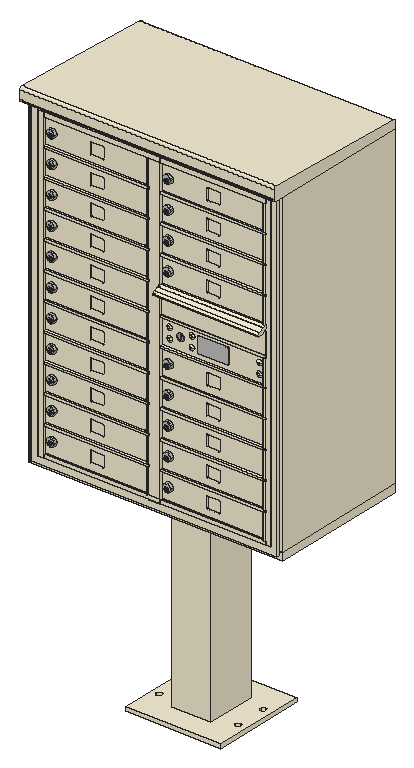
Revit family "Mailboxes_4C-Salsbury_Industries-Pedestal_Mounted-11_Door_High_Units", category Specialty Equipment, Revit 2016
Family settings
  Part Type = Normal
  Round Connector Dimension = Use Diameter
  OmniClass Number = 23.40.90.14.11
  OmniClass Title = Mail Boxes
  Work Plane-Based = No
  Always vertical = Yes
  Cut with Voids When Loaded = No
  Shared = No
  Room Calculation Point = No
Parameters (values of type "3411D-20")
  Width = 32.250"
  Visible Door Number [instance] = yes
  Vertical Center Divider = yes
  Version = "3.0 (01/30/20)"
  URL = "www.mailboxes.com"
  Type Comments = "Pedestal Mounted 4C Horizontal Mailboxes - Front Loading"
  OmniClass 23 Title = "Mail Boxes"
  OmniClass 23 Number = "23.40.90.14.11"
  Model = "3411D-20"
  MasterFormat Title = "Postal Specialties"
  MasterFormat Number = "10 55 00"
  Manufacturer = "Salsbury Industries"
  Lock Material = Stainless Steel - Salsbury Finish -  Polished
  Height = 69.125"
  Front Panel Material [instance] = Paint - Salsbury Finish - Sandstone
  Pedestal Height = 26.000"
  Door Slot R9 Number [instance] = "18"
  Door Slot R8 Number [instance] = "17"
  Door Slot R7 Number [instance] = "16"
  Door Slot R6 Number [instance] = "0"
  Door Slot R5 Number [instance] = "0"
  Door Slot R4 Number [instance] = "15"
  Door Slot R3 Number [instance] = "14"
  Door Slot R2 Number [instance] = "13"
  Door Slot R11 Number [instance] = "20"
  Door Slot R10 Number [instance] = "19"
  Door Slot R1 Number [instance] = "12"
  Door Slot L9 Number [instance] = "9"
  Door Slot L8 Number [instance] = "8"
  Door Slot L7 Number [instance] = "7"
  Door Slot L6 Number [instance] = "6"
  Door Slot L5 Number [instance] = "5"
  Door Slot L4 Number [instance] = "4"
  Door Slot L3 Number [instance] = "3"
  Door Slot L2 Number [instance] = "2"
  Door Slot L11 Number [instance] = "11"
  Door Slot L10 Number [instance] = "10"
  Door Slot L1 Number [instance] = "1"
  Description = "11 Door High Unit:  20 MB1, OM2"
  Depth = 19.000"
  Assembly Description = "Mailboxes"
  Assembly Code = "C1030910"
  4C Unit Height = 41.000"
  4C Unit Elevation = 26.375"
  4C Unit = Mailboxes_4C-Salsbury_Industries-Front_Load-11_Door_High_Units : 3711D-20 FL
Reference planes (in)
  plane 1 "Center (Front/Back)": y = 0
  plane 2 "Bottom of Unit": z = 0
  plane 3 "Center (Left/Right)": x = 0
  plane 4 "Left Side of Unit": x = 16.125
  plane 5 "Right Side of Unit": x = -16.125
  plane 6 "Front of Unit": y = -9.5
  plane 7 "Back of Unit": y = 9.5
  plane 8: z = 34.5625
  plane 9 "Top of Unit": z = 69.125
  plane 10 "Top Trim Line of Enclosure": z = 67.375
  plane 11 "Left Trim Line of Enclosure": x = 15.0625
  plane 12 "Right Trim Line of Enclosure": x = -15.062
  plane 13 "Top Back Line of Unit": z = 68.375
  plane 14 "Top of Pedestal, Bottom of Enclosure": z = 26
  plane 15 "Alignment of 4C Unit": y = -8.125
  plane 16: x = -16.044
  plane 17: x = 16.044
  plane 18: y = 9.419
  plane 19: y = -8.044
  plane 20: x = -16.044
  plane 21: x = 16.044
  plane 22: y = -8.044
  plane 23: y = 9.419
  plane 24: x = -16.044
  plane 25: x = 16.044
  plane 26: y = 9.419
  plane 27: y = -8.044
  plane 28 "Bottom Trim Line of 4C Unit": z = 26.375
  plane 29 "4C Unit Side Alignment": x = -15.54883
  plane 30 "Top Pedestal Base-Bottom Side": z = 25.5
  plane 31 "Bottom Line of Enclosure Opening": z = 27
  plane 32: z = 26.081
  plane 33 "Bottom Pedestal Base-Top Side": z = 0.5
  plane 34 "Pedestal Support - Left Side": x = -2.50001
  plane 35 "Pedestal Support - Right Side": x = 2.50001
  plane 36 "Back of Pedestal Base": y = 6.625
  plane 37 "Front of Pedestal Base": y = -5.375
  plane 38 "Pedestal Support - Back": y = 3.812
  plane 39 "Pedestal Support - Front": y = -2.563
  plane 40 "Left Side of Pedestal Base": x = -6
  plane 41 "Right Side of Pedestal Base": x = 6
  plane 42: y = 2.625
  plane 43: y = -1.375
  plane 44: x = -5
  plane 45: x = 5
Forms (in)
  Extrusion 1, solid, material "Paint - Salsbury Finish - Sandstone" <- "Front Panel Material"
    sketch origin (0, 0, 1.5) x (0, 1, 0) y (-1, 0, 0)
      loop
        line (-8.125, 15.062) -> (-8.044, 15.062) -> (-8.044, 16.044) -> (9.419, 16.044) -> (9.419, -16.044) -> (-8.044, -16.044) -> (-8.044, -15.0625) -> (-8.125, -15.0625) -> (-8.125, -16.125) -> (9.5, -16.125) -> (9.5, 16.125) -> (-8.125, 16.125) -> (-8.125, 15.062)
    from 25.5 to 65.875
  Extrusion 2, solid, material "Paint - Salsbury Finish - Sandstone" <- "Front Panel Material"
    sketch origin (0, 0, 26) x (0, 1, 0) y (-1, 0, 0)
      loop
        line (9.5, 16.125) -> (-8.125, 16.125) -> (-8.125, -16.125) -> (9.5, -16.125) -> (9.5, 16.125)
      loop
        line (9.419, 16.044) -> (-8.044, 16.044) -> (-8.044, -16.044) -> (9.419, -16.044) -> (9.419, 16.044)
    from 0 to 1
  Extrusion 3, solid, material "Paint - Salsbury Finish - Sandstone" <- "Front Panel Material"
    sketch origin (0, 0, 26) x (0, 1, 0) y (-1, 0, 0)
      loop
        line (9.419, 16.044) -> (-8.044, 16.044) -> (-8.044, -16.044) -> (9.419, -16.044) -> (9.419, 16.044)
    from 0 to 0.081
  Extrusion 4, solid, material "Paint - Salsbury Finish - Sandstone" <- "Front Panel Material"
    sketch origin (0, 0, 0) x (0, 1, 0) y (0, 0, 1)
      loop
        line (-9.18965, 67.375) -> (9.5, 67.375) -> (9.5, 68.26571)
        arc (9.5, 68.26571) -> (9.47754, 68.33373) -> (9.419, 68.375) r 0.11423
        line (9.419, 68.375) -> (-9.184, 69.125)
        arc (-9.184, 69.125) -> (-9.40731, 69.03386) -> (-9.5, 68.81119) r 0.31382
        line (-9.5, 68.81119) -> (-9.5, 67.68535)
        arc (-9.5, 67.68535) -> (-9.4091, 67.4659) -> (-9.18965, 67.375) r 0.31035
    from -16.125 to 16.125
  Extrusion 5, solid, material "Paint - Salsbury Finish - Sandstone" <- "Front Panel Material"
    sketch origin (0, 0, 0) x (1, 0, 0) y (0, 1, 0)
      loop
        line (-6, 6.625) -> (-6, -5.375) -> (6, -5.375) -> (6, 6.625) -> (-6, 6.625)
    from 0 to 0.5
  Extrusion 6, solid, material "Paint - Salsbury Finish - Sandstone" <- "Front Panel Material"
    sketch origin (0, 0, 25.5) x (0, -1, 0) y (1, 0, 0)
      loop
        line (-6.625, -6) -> (5.375, -6) -> (5.375, 6) -> (-6.625, 6) -> (-6.625, -6)
    from 0 to 0.5
  Extrusion 7, solid, material "Paint - Salsbury Finish - Sandstone" <- "Front Panel Material"
    sketch origin (0, 0, 0.5) x (0, -1, 0) y (1, 0, 0)
      loop
        line (-3.812, -2.50001) -> (2.563, -2.50001) -> (2.563, 2.50001) -> (-3.812, 2.50001) -> (-3.812, -2.50001)
    from 0 to 25
  Extrusion 8, void
    sketch origin (0, 0, 0) x (1, 0, 0) y (0, 1, 0)
      loop
        circle (-5, 2.625) r 0.375
      loop
        circle (-5, -1.375) r 0.375
      loop
        circle (5, 2.625) r 0.375
      loop
        circle (5, -1.375) r 0.375
    from 0 to 0.5
  Extrusion 9, void
    sketch origin (0, 0, 25.5) x (0, -1, 0) y (1, 0, 0)
      loop
        circle (-2.625, -5) r 0.375
      loop
        circle (1.375, -5) r 0.375
      loop
        circle (-2.625, 5) r 0.375
      loop
        circle (1.375, 5) r 0.375
    from 0 to 0.5
Cuts and joins
  Extrusion 8 cuts Extrusion 5
  Extrusion 9 cuts Extrusion 3
  Extrusion 9 cuts Extrusion 6
Lines and regions (in)
  symbolic lines
    curve 1: line (-16.125, 9.5, 0) -> (16.125, 9.5, 0)
    curve 2: line (-16.125, -8.125, 0) -> (-16.125, 9.5, 0)
    curve 3: line (16.125, -8.125, 0) -> (-16.125, -8.125, 0)
    curve 4: line (16.125, 9.5, 0) -> (16.125, -8.125, 0)
    curve 5: line (-16.125, 0, 69.125) -> (16.125, 0, 69.125)
    curve 6: line (-16.125, 0, 26) -> (-16.125, 0, 69.125)
    curve 7: line (16.125, 0, 26) -> (-16.125, 0, 26)
    curve 8: line (16.125, 0, 69.125) -> (16.125, 0, 26)
    curve 9: line (-16.125, 0, 67.375) -> (16.125, 0, 67.375)
    curve 10: line (-15.062, 0, 27) -> (-15.062, 0, 67.375)
    curve 11: line (15.0625, 0, 27) -> (15.0625, 0, 67.375)
    curve 12: line (0, -8.125, 67.37573) -> (0, 9.5, 67.37573)
    curve 13: line (0, -8.125, 26) -> (0, -8.125, 67.37573)
    curve 14: line (0, 6.625, 0) -> (0, -5.375, 0)
    curve 15: line (0, 9.5, 67.37573) -> (0, 9.5, 26)
    curve 16: line (0, -8.125, 27) -> (0, 9.5, 27)
    curve 17: line (0, 9.5, 68.26571) -> (0, 9.5, 67.37573)
    curve 18: line (0, 9.5, 67.37573) -> (0, -9.19074, 67.37573)
    curve 19: line (0, -9.5, 67.68499) -> (0, -9.5, 68.81031)
    curve 20: arc (0, -9.19074, 67.37573) -> (0, -9.40942, 67.46631) -> (0, -9.5, 67.68499) r 0.30926
    curve 21: arc (0, -9.5, 68.81031) -> (0, -9.40736, 69.03396) -> (0, -9.18371, 69.1266) r 0.31629
    curve 22: arc (0, 9.5, 68.26571) -> (0, 9.47754, 68.33373) -> (0, 9.419, 68.375) r 0.11423
    curve 23: line (0, 9.419, 68.375) -> (0, -9.18371, 69.1266)
    curve 24: line (-16.125, 0, 27) -> (16.125, 0, 27)
    curve 25: line (-6, 0, 26) -> (-6, 0, 25.5)
    curve 26: line (-6, 0, 25.5) -> (6, 0, 25.5)
    curve 27: line (6, 0, 25.5) -> (6, 0, 26)
    curve 28: line (-6, 0, 0.5) -> (6, 0, 0.5)
    curve 29: line (-6, 0, 0) -> (-6, 0, 0.5)
    curve 30: line (6, 0, 0) -> (-6, 0, 0)
    curve 31: line (6, 0, 0.5) -> (6, 0, 0)
    curve 32: line (-2.50001, 0, 0.5) -> (-2.50001, 0, 25.5)
    curve 33: line (2.50001, 0, 0.5) -> (2.50001, 0, 25.5)
    curve 34: line (0, -8.125, 26) -> (0, 9.5, 26)
    curve 35: line (0, -5.375, 26) -> (0, -5.375, 25.5)
    curve 36: line (0, -5.375, 25.5) -> (0, 6.625, 25.5)
    curve 37: line (0, 6.625, 25.5) -> (0, 6.625, 26)
    curve 38: line (0, 6.625, 0) -> (0, 6.625, 0.5)
    curve 39: line (0, 6.625, 0.5) -> (0, -5.375, 0.5)
    curve 40: line (0, -5.375, 0.5) -> (0, -5.375, 0)
    curve 41: line (0, -2.563, 0.5) -> (0, -2.563, 25.5)
    curve 42: line (0, 3.812, 0.5) -> (0, 3.812, 25.5)
Dimensions and locks (in)
  equal spacing: plane 6 "Front of Unit", plane 1 "Center (Front/Back)", plane 7 "Back of Unit"
  "Depth": plane 6 "Front of Unit" to plane 7 "Back of Unit"
  equal spacing: plane 5 "Right Side of Unit", plane 3 "Center (Left/Right)", plane 4 "Left Side of Unit"
  "Width": plane 5 "Right Side of Unit" to plane 4 "Left Side of Unit"
  equal spacing: plane 2 "Bottom of Unit", plane 8, plane 9 "Top of Unit"
  plane 2 "Bottom of Unit" to plane 9 "Top of Unit" = 69.125"
  "Pedestal Height": plane 2 "Bottom of Unit" to plane 14 "Top of Pedestal, Bottom of Enclosure"
  locked: plane 5 "Right Side of Unit" to plane 12 "Right Trim Line of Enclosure" at 1.063
  locked: plane 11 "Left Trim Line of Enclosure" to plane 4 "Left Side of Unit" at 1.0625
  plane 10 "Top Trim Line of Enclosure" to plane 13 "Top Back Line of Unit" to plane 9 "Top of Unit" = 1.000", 0.750"
  plane 6 "Front of Unit" to plane 15 "Alignment of 4C Unit" = 1.375"
  plane 10 "Top Trim Line of Enclosure" to plane 9 "Top of Unit" = 1.750"
  plane 5 "Right Side of Unit" to plane 16 = 0.081"
  plane 18 to plane 7 "Back of Unit" = 0.081"
  plane 17 to plane 4 "Left Side of Unit" = 0.081"
  plane 15 "Alignment of 4C Unit" to plane 19 = 0.081"
  plane 23 to plane 7 "Back of Unit" = 0.081"
  plane 5 "Right Side of Unit" to plane 20 = 0.081"
  plane 21 to plane 4 "Left Side of Unit" = 0.081"
  plane 15 "Alignment of 4C Unit" to plane 22 = 0.081"
  plane 15 "Alignment of 4C Unit" to plane 27 = 0.081"
  plane 25 to plane 4 "Left Side of Unit" = 0.081"
  plane 5 "Right Side of Unit" to plane 24 = 0.081"
  plane 26 to plane 7 "Back of Unit" = 0.081"
  plane 29 "4C Unit Side Alignment" to plane 12 "Right Trim Line of Enclosure" = 0.48683"
  "Height": plane 9 "Top of Unit" to plane 2 "Bottom of Unit"
  "4C Unit Height": plane 10 "Top Trim Line of Enclosure" to plane 28 "Bottom Trim Line of 4C Unit"
  plane 31 "Bottom Line of Enclosure Opening" to plane 14 "Top of Pedestal, Bottom of Enclosure" to plane 30 "Top Pedestal Base-Bottom Side" = 1.000", 0.500"
  locked: plane 32 to plane 14 "Top of Pedestal, Bottom of Enclosure" at 0.081
  plane 33 "Bottom Pedestal Base-Top Side" to plane 2 "Bottom of Unit" = 0.500"
  equal spacing: plane 34 "Pedestal Support - Left Side", plane 3 "Center (Left/Right)", plane 35 "Pedestal Support - Right Side"
  plane 34 "Pedestal Support - Left Side" to plane 35 "Pedestal Support - Right Side" = 5.00002"
  plane 37 "Front of Pedestal Base" to plane 1 "Center (Front/Back)" to plane 36 "Back of Pedestal Base" = 5.375", 6.625"
  plane 40 "Left Side of Pedestal Base" to plane 3 "Center (Left/Right)" to plane 41 "Right Side of Pedestal Base" = 6.000", 6.000"
  plane 39 "Pedestal Support - Front" to plane 1 "Center (Front/Back)" to plane 38 "Pedestal Support - Back" = 2.563", 3.812"
  plane 45 to plane 41 "Right Side of Pedestal Base" = 1.000"
  plane 40 "Left Side of Pedestal Base" to plane 44 = 1.000"
  plane 42 to plane 36 "Back of Pedestal Base" = 4.000"
  plane 37 "Front of Pedestal Base" to plane 43 = 4.000"
  aligned and locked: level to plane 2 "Bottom of Unit"
  aligned and locked: Extrusion 1 to plane 10 "Top Trim Line of Enclosure"
  aligned and locked: Extrusion 2 sketch curve to Extrusion 1  (x4)
  aligned and locked: Extrusion 3 sketch curve to Extrusion 1  (x3)
  aligned and locked: Extrusion 4 to plane 4 "Left Side of Unit"
  aligned and locked: plane 5 "Right Side of Unit" to Extrusion 4
  aligned and locked: plane 12 "Right Trim Line of Enclosure" to Extrusion 1 sketch curve
  aligned and locked: Extrusion 1 sketch curve to plane 19
  aligned and locked: Extrusion 1 sketch curve to plane 15 "Alignment of 4C Unit"  (x2)
  aligned and locked: Extrusion 1 sketch curve to plane 5 "Right Side of Unit"
  aligned and locked: plane 16 to Extrusion 1 sketch curve
  aligned and locked: Extrusion 1 sketch curve to plane 18
  aligned and locked: plane 7 "Back of Unit" to Extrusion 1 sketch curve
  aligned and locked: plane 4 "Left Side of Unit" to Extrusion 1 sketch curve
  aligned and locked: Extrusion 1 sketch curve to plane 17
  aligned and locked: plane 19 to Extrusion 1 sketch curve
  aligned and locked: plane 11 "Left Trim Line of Enclosure" to Extrusion 1 sketch curve
  aligned and locked: plane 6 "Front of Unit" to Extrusion 4 sketch curve  (x2)
  aligned and locked: plane 10 "Top Trim Line of Enclosure" to Extrusion 4 sketch curve
  aligned and locked: Extrusion 4 sketch curve to plane 7 "Back of Unit"
  aligned and locked: plane 7 "Back of Unit" to Extrusion 4 sketch curve
  aligned and locked: plane 13 "Top Back Line of Unit" to Extrusion 4 sketch curve
  aligned and locked: plane 9 "Top of Unit" to Extrusion 4 sketch curve
  aligned and locked: plane 21 to Extrusion 2 sketch curve
  aligned and locked: Extrusion 2 sketch curve to plane 20
  aligned and locked: plane 23 to Extrusion 2 sketch curve
  aligned and locked: curve 1 to Extrusion 1
  aligned and locked: curve 2 to Extrusion 1
  aligned and locked: curve 3 to Extrusion 2
  aligned and locked: curve 4 to Extrusion 1
  aligned and locked: curve 6 to Extrusion 4
  aligned and locked: curve 7 to Extrusion 2
  aligned and locked: plane 9 "Top of Unit" to curve 5
  aligned and locked: curve 9 to Extrusion 1
  aligned and locked: plane 5 "Right Side of Unit" to curve 9
  aligned and locked: plane 4 "Left Side of Unit" to curve 9
  aligned and locked: Extrusion 1 to curve 10
  aligned and locked: curve 11 to Extrusion 1
  aligned and locked: plane 10 "Top Trim Line of Enclosure" to curve 11
  aligned and locked: plane 7 "Back of Unit" to curve 15
  aligned and locked: plane 2 "Bottom of Unit" to curve 14
  aligned and locked: plane 10 "Top Trim Line of Enclosure" to Extrusion 4
  aligned and locked: plane 15 "Alignment of 4C Unit" to Extrusion 1
  aligned and locked: Extrusion 1 to curve 16
  aligned and locked: plane 7 "Back of Unit" to curve 16
  aligned and locked: plane 15 "Alignment of 4C Unit" to curve 16
  aligned and locked: curve 17 to Extrusion 4
  aligned and locked: curve 18 to curve 12
  aligned and locked: curve 19 to Extrusion 4
  aligned and locked: Extrusion 2 to plane 31 "Bottom Line of Enclosure Opening"
  aligned and locked: Extrusion 1 to Extrusion 2
  aligned and locked: plane 14 "Top of Pedestal, Bottom of Enclosure" to Extrusion 3
  aligned and locked: Extrusion 3 to plane 32
  aligned and locked: plane 36 "Back of Pedestal Base" to Extrusion 5 sketch curve
  aligned and locked: Extrusion 5 sketch curve to plane 40 "Left Side of Pedestal Base"
  aligned and locked: Extrusion 5 sketch curve to plane 37 "Front of Pedestal Base"
  aligned and locked: plane 41 "Right Side of Pedestal Base" to Extrusion 5 sketch curve
  aligned and locked: Extrusion 5 to plane 33 "Bottom Pedestal Base-Top Side"
  aligned and locked: Extrusion 6 sketch curve to plane 36 "Back of Pedestal Base"
  aligned and locked: plane 40 "Left Side of Pedestal Base" to Extrusion 6 sketch curve
  aligned and locked: plane 37 "Front of Pedestal Base" to Extrusion 6 sketch curve
  aligned and locked: Extrusion 6 sketch curve to plane 41 "Right Side of Pedestal Base"
  aligned and locked: Extrusion 6 to plane 14 "Top of Pedestal, Bottom of Enclosure"
  aligned and locked: plane 30 "Top Pedestal Base-Bottom Side" to Extrusion 6
  aligned and locked: Extrusion 5 to level
  aligned and locked: Extrusion 7 sketch curve to plane 38 "Pedestal Support - Back"
  aligned and locked: plane 34 "Pedestal Support - Left Side" to Extrusion 7 sketch curve
  aligned and locked: plane 39 "Pedestal Support - Front" to Extrusion 7 sketch curve
  aligned and locked: Extrusion 7 sketch curve to plane 35 "Pedestal Support - Right Side"
  aligned and locked: Extrusion 7 to plane 30 "Top Pedestal Base-Bottom Side"
  aligned and locked: plane 33 "Bottom Pedestal Base-Top Side" to Extrusion 7
  aligned and locked: Extrusion 8 to plane 33 "Bottom Pedestal Base-Top Side"
  aligned and locked: Extrusion 8 to level
  aligned and locked: Extrusion 9 to plane 14 "Top of Pedestal, Bottom of Enclosure"
  aligned and locked: plane 30 "Top Pedestal Base-Bottom Side" to Extrusion 9
  aligned and locked: plane 31 "Bottom Line of Enclosure Opening" to curve 24
  aligned and locked: plane 31 "Bottom Line of Enclosure Opening" to curve 11
  aligned and locked: curve 25 to cut or joined group of Extrusion 6, Extrusion 9
  aligned and locked: curve 26 to cut or joined group of Extrusion 6, Extrusion 9
  aligned and locked: curve 27 to cut or joined group of Extrusion 6, Extrusion 9
  aligned and locked: curve 28 to cut or joined group of Extrusion 5, Extrusion 8
  aligned and locked: curve 29 to cut or joined group of Extrusion 5, Extrusion 8
  aligned and locked: curve 30 to cut or joined group of Extrusion 5, Extrusion 8
  aligned and locked: curve 31 to cut or joined group of Extrusion 5, Extrusion 8
  aligned and locked: curve 13 to Extrusion 2
  aligned and locked: curve 34 to Extrusion 2
  aligned and locked: curve 35 to cut or joined group of Extrusion 6, Extrusion 9
  aligned and locked: curve 36 to cut or joined group of Extrusion 6, Extrusion 9
  aligned and locked: curve 37 to cut or joined group of Extrusion 6, Extrusion 9
  aligned and locked: curve 38 to cut or joined group of Extrusion 5, Extrusion 8
  aligned and locked: curve 39 to cut or joined group of Extrusion 5, Extrusion 8
  aligned and locked: curve 40 to cut or joined group of Extrusion 5, Extrusion 8
  aligned and locked: curve 33 to Extrusion 7
  aligned and locked: plane 29 "4C Unit Side Alignment" to nested 1
Automatic sketch dimensions
  Extrusion 4 sketch curve to plane 26 = 0.000"
  Extrusion 4 sketch curve to plane 6 "Front of Unit" = 0.31035"
  Extrusion 4 sketch curve to plane 6 "Front of Unit" = 0.31382"
  plane 26 to Extrusion 4 sketch curve = 0.03323"
  Extrusion 4 sketch curve to Extrusion 4 sketch curve = 0.00218"
  plane 22 to Extrusion 2 sketch curve = 0.000"
  plane 27 to Extrusion 3 sketch curve = 0.000"
  plane 43 to Extrusion 8 sketch curve = 0.000"  (x2)
  Extrusion 8 sketch curve to plane 44 = 0.000"  (x2)
  plane 42 to Extrusion 8 sketch curve = 0.000"  (x2)
  Extrusion 8 sketch curve to plane 45 = 0.000"  (x2)
  plane 42 to Extrusion 9 sketch curve = 0.000"  (x2)
  plane 43 to Extrusion 9 sketch curve = 0.000"  (x2)
  Extrusion 9 sketch curve to plane 44 = 0.000"  (x2)
  Extrusion 9 sketch curve to plane 45 = 0.000"  (x2)
  curve 41 to plane 39 "Pedestal Support - Front" = 0.000"
  curve 42 to plane 38 "Pedestal Support - Back" = 0.000"
  plane 13 "Top Back Line of Unit" to curve 23 = 0.000"
  curve 23 to plane 26 = 0.000"
  curve 20 to plane 6 "Front of Unit" = 0.30926"
  curve 21 to plane 6 "Front of Unit" = 0.31629"
  plane 26 to curve 22 = 0.03323"
  curve 13 to plane 10 "Top Trim Line of Enclosure" = 0.00073"
  plane 9 "Top of Unit" to curve 19 = 0.31469"
  plane 34 "Pedestal Support - Left Side" to curve 32 = 0.000"
  curve 25 to plane 14 "Top of Pedestal, Bottom of Enclosure" = 0.000"
  radius of Extrusion 8 sketch curve = 0.375"  (x4)
  radius of Extrusion 9 sketch curve = 0.375"  (x4)
Nested families (in)
  nested 1: "Mailboxes_4C-Salsbury_Industries-Front_Load-11_Door_High_Units" at (0, -8.125, -0.308) x (-1, 0, 0) z (0, 0, 1), built-in parameter 1001360 <- "4C Unit Elevation", type <- "4C Unit", Front Panel Material <- "Front Panel Material", Visible Door Number <- "Visible Door Number", Door Slot L1 Number <- "Door Slot L1 Number", Door Slot L2 Number <- "Door Slot L2 Number", Door Slot L3 Number <- "Door Slot L3 Number", Door Slot L4 Number <- "Door Slot L4 Number", Door Slot L5 Number <- "Door Slot L5 Number", Door Slot L6 Number <- "Door Slot L6 Number", Door Slot L7 Number <- "Door Slot L7 Number", Door Slot L8 Number <- "Door Slot L8 Number", Door Slot L9 Number <- "Door Slot L9 Number", Door Slot L10 Number <- "Door Slot L10 Number", Door Slot L11 Number <- "Door Slot L11 Number", Door Slot R1 Number <- "Door Slot R1 Number", Door Slot R2 Number <- "Door Slot R2 Number", Door Slot R3 Number <- "Door Slot R3 Number", Door Slot R4 Number <- "Door Slot R4 Number", Door Slot R5 Number <- "Door Slot R5 Number", Door Slot R6 Number <- "Door Slot R6 Number", Door Slot R7 Number <- "Door Slot R7 Number", Door Slot R8 Number <- "Door Slot R8 Number", Door Slot R9 Number <- "Door Slot R9 Number", Door Slot R10 Number <- "Door Slot R10 Number", Door Slot R11 Number <- "Door Slot R11 Number", type "3711D-20 FL"
    with Visible Door Number yes, Front Panel Material Paint - Salsbury Finish - Sandstone, Door Slot R9 Number "18", Door Slot R8 Number "17", Door Slot R7 Number "16", Door Slot R6 Number "0", Door Slot R5 Number "0", Door Slot R4 Number "15", Door Slot R3 Number "14", Door Slot R2 Number "13", Door Slot R11 Number "20", Door Slot R10 Number "19", Door Slot R1 Number "12", Door Slot L9 Number "9", Door Slot L8 Number "8", Door Slot L7 Number "7", Door Slot L6 Number "6", Door Slot L5 Number "5", Door Slot L4 Number "4", Door Slot L3 Number "3", Door Slot L2 Number "2", Door Slot L11 Number "11", Door Slot L10 Number "10", Door Slot L1 Number "1", built-in parameter 1001320 48.000"
Definition of nested family "Mailboxes_4C-Salsbury_Industries-Front_Load-11_Door_High_Units"
  Parameters (values of type "3711D-20 FL")
    Width = 31.09766"
    URL = "www.mailboxes.com"
    OmniClass 23 Title = "Mail Boxes"
    OmniClass 23 Number = "23.40.90.14.11"
    Visible Door Number [instance] = yes
    Vertical Center Divider = yes
    Version = "4.0 (01/30/20)"
    Type Comments = "4C Standard Horizontal Mailbox - Front Loading"
    Top Back Plate = yes
    Right Inside Wall = yes
    Model = "3711D-20 FL"
    MasterFormat Title = "Postal Specialties"
    MasterFormat Number = "10 55 00"
    Manufacturer = "Salsbury Industries"
    Mail Door Symbollic = yes
    Lock Material = none
    Left Inside Wall = yes
    Keynote = ""
    Height = 41.000"
    Front Panel Material [instance] = none
    Door Slot R9 Number [instance] = "18"
    Door Slot R9 = 3700 Series 4C Door Configurations : MB1 Door w/ Divider
    Door Slot R8 Number [instance] = "17"
    Door Slot R8 = 3700 Series 4C Door Configurations : MB1 Door w/ Divider
    Door Slot R7 Number [instance] = "16"
    Door Slot R7 = 3700 Series 4C Door Configurations : MB1 Door w/ Divider
    Door Slot R6 Number [instance] = "0"
    Door Slot R6 = 3700 Series 4C OM2 Configuration : OM2-FL
    Door Slot R5 Number [instance] = "0"
    Door Slot R5 = 3700 Series 4C Door Configurations : Empty
    Door Slot R4 Number [instance] = "15"
    Door Slot R4 = 3700 Series 4C Door Configurations : MB1 Door w/ Divider
    Door Slot R3 Number [instance] = "14"
    Door Slot R3 = 3700 Series 4C Door Configurations : MB1 Door w/ Divider
    Door Slot R2 Number [instance] = "13"
    Door Slot R2 = 3700 Series 4C Door Configurations : MB1 Door w/ Divider
    Door Slot R11 Number [instance] = "20"
    Door Slot R11 = 3700 Series 4C Door Configurations : MB1 Door w/ Divider
    Door Slot R10 Number [instance] = "19"
    Door Slot R10 = 3700 Series 4C Door Configurations : MB1 Door w/ Divider
    Door Slot R1 Number [instance] = "12"
    Door Slot R1 = 3700 Series 4C Door Configurations : MB1 Door
    Door Slot L9 Number [instance] = "9"
    Door Slot L9 = 3700 Series 4C Door Configurations : MB1 Door w/ Divider
    Door Slot L8 Number [instance] = "8"
    Door Slot L8 = 3700 Series 4C Door Configurations : MB1 Door w/ Divider
    Door Slot L7 Number [instance] = "7"
    Door Slot L7 = 3700 Series 4C Door Configurations : MB1 Door w/ Divider
    Door Slot L6 Number [instance] = "6"
    Door Slot L6 = 3700 Series 4C Door Configurations : MB1 Door w/ Divider
    Door Slot L5 Number [instance] = "5"
    Door Slot L5 = 3700 Series 4C Door Configurations : MB1 Door w/ Divider
    Door Slot L4 Number [instance] = "4"
    Door Slot L4 = 3700 Series 4C Door Configurations : MB1 Door w/ Divider
    Door Slot L3 Number [instance] = "3"
    Door Slot L3 = 3700 Series 4C Door Configurations : MB1 Door w/ Divider
    Door Slot L2 Number [instance] = "2"
    Door Slot L2 = 3700 Series 4C Door Configurations : MB1 Door w/ Divider
    Door Slot L11 Number [instance] = "11"
    Door Slot L11 = 3700 Series 4C Door Configurations : MB1 Door w/ Divider
    Door Slot L10 Number [instance] = "10"
    Door Slot L10 = 3700 Series 4C Door Configurations : MB1 Door w/ Divider
    Door Slot L1 Number [instance] = "1"
    Door Slot L1 = 3700 Series 4C Door Configurations : MB1 Door
    Description = "11 Door High Unit:  20 MB1, OM2"
    Depth = 17.025"
    Default Elevation [instance] = 48.000"
    Center Extrusion Offset = 0.000"
    Bottom Back Plate = yes
    Back Enclosure Material = none
    Assembly Description = "Mailboxes"
    Assembly Code = "C1030910"
  Types (9): name | Width | Vertical Center Divider | Type Comments | Top Back Plate | Right Inside Wall | Model | Mail Door Symbollic | Left Inside Wall | Door Slot R9 Number | Door Slot R9 | Door Slot R8 Number | Door Slot R8 | Door Slot R7 Number | Door Slot R7 | Door Slot R6 | Door Slot R5 Number | Door Slot R5 | Door Slot R4 Number | Door Slot R4 | Door Slot R3 Number | Door Slot R3 | Door Slot R2 Number | Door Slot R2 | Door Slot R11 Number | Door Slot R11 | Door Slot R10 Number | Door Slot R10 | Door Slot R1 Number | Door Slot R1 | Door Slot L9 Number | Door Slot L9 | Door Slot L8 Number | Door Slot L8 | Door Slot L7 Number | Door Slot L7 | Door Slot L6 Number | Door Slot L6 | Door Slot L5 Number | Door Slot L5 | Door Slot L4 Number | Door Slot L4 | Door Slot L3 Number | Door Slot L3 | Door Slot L2 Number | Door Slot L2 | Door Slot L11 Number | Door Slot L11 | Door Slot L10 Number | Door Slot L10 | Door Slot L1 Number | Door Slot L1 | Description | Center Extrusion Offset | Bottom Back Plate
    3711S-1B FL | 16.344" | no | "4C Horizontal Receptacle Bin - Front Loading" | no | no | "3711S-1B FL" | no | no | "0" | 3700 Series 4C Door Configurations : Empty | "0" | 3700 Series 4C Door Configurations : Empty | "0" | 3700 Series 4C Door Configurations : Empty | 3700 Series 4C Door Configurations : Empty | "0" | 3700 Series 4C Door Configurations : Empty | "0" | 3700 Series 4C Door Configurations : Empty | "0" | 3700 Series 4C Door Configurations : Empty | "0" | 3700 Series 4C Door Configurations : Empty | "0" | 4C-11 Door High Receptacle : 4C-11 Door High Receptacle | "0" | 3700 Series 4C Door Configurations : Empty | "0" | 3700 Series 4C Door Configurations : Empty | "0" | 3700 Series 4C Door Configurations : Empty | "0" | 3700 Series 4C Door Configurations : Empty | "0" | 3700 Series 4C Door Configurations : Empty | "0" | 3700 Series 4C Door Configurations : Empty | "0" | 3700 Series 4C Door Configurations : Empty | "0" | 3700 Series 4C Door Configurations : Empty | "0" | 3700 Series 4C Door Configurations : Empty | "0" | 3700 Series 4C Door Configurations : Empty | "0" | 3700 Series 4C Door Configurations : Empty | "0" | 3700 Series 4C Door Configurations : Empty | "0" | 3700 Series 4C Door Configurations : Empty | "11 Door High Unit" | 48.000" | no
    3711S-1C FL | 16.344" | no | "4C Horizontal Collection Box - Front Loading" | no | no | "3711S-1C FL" | no | no | "0" | 3700 Series 4C Door Configurations : Empty | "0" | 3700 Series 4C Door Configurations : Empty | "0" | 3700 Series 4C Door Configurations : Empty | 3700 Series 4C Door Configurations : Empty | "0" | 3700 Series 4C Door Configurations : Empty | "0" | 3700 Series 4C Door Configurations : Empty | "0" | 3700 Series 4C Door Configurations : Empty | "0" | 3700 Series 4C Door Configurations : Empty | "0" | 4C-11 Door High Collection Box : 4C-11 Door High Collection Box | "0" | 3700 Series 4C Door Configurations : Empty | "0" | 3700 Series 4C Door Configurations : Empty | "0" | 3700 Series 4C Door Configurations : Empty | "0" | 3700 Series 4C Door Configurations : Empty | "0" | 3700 Series 4C Door Configurations : Empty | "0" | 3700 Series 4C Door Configurations : Empty | "0" | 3700 Series 4C Door Configurations : Empty | "0" | 3700 Series 4C Door Configurations : Empty | "0" | 3700 Series 4C Door Configurations : Empty | "0" | 3700 Series 4C Door Configurations : Empty | "0" | 3700 Series 4C Door Configurations : Empty | "0" | 3700 Series 4C Door Configurations : Empty | "0" | 3700 Series 4C Door Configurations : Empty | "11 Door High Unit" | 48.000" | no
    3711D-20 FL | 31.09766" | yes | "4C Standard Horizontal Mailbox - Front Loading" | yes | yes | "3711D-20 FL" | yes | yes | "18" | 3700 Series 4C Door Configurations : MB1 Door w/ Divider | "17" | 3700 Series 4C Door Configurations : MB1 Door w/ Divider | "16" | 3700 Series 4C Door Configurations : MB1 Door w/ Divider | 3700 Series 4C OM2 Configuration : OM2-FL | "0" | 3700 Series 4C Door Configurations : Empty | "15" | 3700 Series 4C Door Configurations : MB1 Door w/ Divider | "14" | 3700 Series 4C Door Configurations : MB1 Door w/ Divider | "13" | 3700 Series 4C Door Configurations : MB1 Door w/ Divider | "20" | 3700 Series 4C Door Configurations : MB1 Door w/ Divider | "19" | 3700 Series 4C Door Configurations : MB1 Door w/ Divider | "12" | 3700 Series 4C Door Configurations : MB1 Door | "9" | 3700 Series 4C Door Configurations : MB1 Door w/ Divider | "8" | 3700 Series 4C Door Configurations : MB1 Door w/ Divider | "7" | 3700 Series 4C Door Configurations : MB1 Door w/ Divider | "6" | 3700 Series 4C Door Configurations : MB1 Door w/ Divider | "5" | 3700 Series 4C Door Configurations : MB1 Door w/ Divider | "4" | 3700 Series 4C Door Configurations : MB1 Door w/ Divider | "3" | 3700 Series 4C Door Configurations : MB1 Door w/ Divider | "2" | 3700 Series 4C Door Configurations : MB1 Door w/ Divider | "11" | 3700 Series 4C Door Configurations : MB1 Door w/ Divider | "10" | 3700 Series 4C Door Configurations : MB1 Door w/ Divider | "1" | 3700 Series 4C Door Configurations : MB1 Door | "11 Door High Unit:  20 MB1, OM2" | 0.000" | yes
    3711S-09 FL | 16.344" | no | "4C Standard Horizontal Mailbox - Front Loading" | yes | yes | "3711S-09 FL" | yes | yes | "7" | 3700 Series 4C Door Configurations : MB1 Door w/ Divider | "6" | 3700 Series 4C Door Configurations : MB1 Door w/ Divider | "5" | 3700 Series 4C Door Configurations : MB1 Door w/ Divider | 3700 Series 4C OM2 Configuration : OM2-FL | "0" | 3700 Series 4C Door Configurations : Empty | "4" | 3700 Series 4C Door Configurations : MB1 Door w/ Divider | "3" | 3700 Series 4C Door Configurations : MB1 Door w/ Divider | "2" | 3700 Series 4C Door Configurations : MB1 Door w/ Divider | "9" | 3700 Series 4C Door Configurations : MB1 Door w/ Divider | "8" | 3700 Series 4C Door Configurations : MB1 Door w/ Divider | "1" | 3700 Series 4C Door Configurations : MB1 Door | "0" | 3700 Series 4C Door Configurations : Empty | "0" | 3700 Series 4C Door Configurations : Empty | "0" | 3700 Series 4C Door Configurations : Empty | "0" | 3700 Series 4C Door Configurations : Empty | "0" | 3700 Series 4C Door Configurations : Empty | "0" | 3700 Series 4C Door Configurations : Empty | "0" | 3700 Series 4C Door Configurations : Empty | "0" | 3700 Series 4C Door Configurations : Empty | "0" | 3700 Series 4C Door Configurations : Empty | "0" | 3700 Series 4C Door Configurations : Empty | "0" | 3700 Series 4C Door Configurations : Empty | "11 Door High Unit:  9 MB1, OM2" | 0.000" | yes
    3711D-15 FL | 31.09766" | yes | "4C Standard Horizontal Mailbox - Front Loading" | yes | yes | "3711D-15 FL" | yes | yes | "13" | 3700 Series 4C Door Configurations : MB1 Door w/ Divider | "12" | 3700 Series 4C Door Configurations : MB1 Door w/ Divider | "11" | 3700 Series 4C Door Configurations : MB1 Door w/ Divider | 3700 Series 4C OM2 Configuration : OM2-FL | "0" | 3700 Series 4C Door Configurations : Empty | "10" | 3700 Series 4C Door Configurations : MB1 Door w/ Divider | "9" | 3700 Series 4C Door Configurations : MB1 Door w/ Divider | "8" | 3700 Series 4C Door Configurations : MB1 Door w/ Divider | "15" | 3700 Series 4C Door Configurations : MB1 Door w/ Divider | "14" | 3700 Series 4C Door Configurations : MB1 Door w/ Divider | "7" | 3700 Series 4C Door Configurations : MB1 Door | "0" | 3700 Series 4C Door Configurations : Empty | "0" | 3700 Series 4C Door Configurations : Empty | "0" | 3700 Series 4C Door Configurations : Empty | "6" | 3700 Series 4C Door Configurations : MB1 Door w/ Divider | "5" | 3700 Series 4C Door Configurations : MB1 Door w/ Divider | "4" | 3700 Series 4C Door Configurations : MB1 Door w/ Divider | "3" | 3700 Series 4C Door Configurations : MB1 Door w/ Divider | "2" | 3700 Series 4C Door Configurations : MB1 Door w/ Divider | "1P" | 3700 Series 4C Parcel Configurations : PL5 w/ Divider | "0" | 3700 Series 4C Door Configurations : Empty | "1" | 3700 Series 4C Door Configurations : MB1 Door | "11 Door High Unit:  11 MB1, 1 PL5, OM2" | 0.000" | yes
    3711D-10 FL | 31.09766" | yes | "4C Standard Horizontal Mailbox - Front Loading" | yes | yes | "3711D-10 FL" | yes | yes | "0" | 3700 Series 4C Door Configurations : Empty | "0" | 3700 Series 4C Door Configurations : Empty | "0" | 3700 Series 4C Door Configurations : Empty | 3700 Series 4C OM2 Configuration : OM2-FL | "0" | 3700 Series 4C Door Configurations : Empty | "10" | 3700 Series 4C Door Configurations : MB1 Door w/ Divider | "9" | 3700 Series 4C Door Configurations : MB1 Door w/ Divider | "8" | 3700 Series 4C Door Configurations : MB1 Door w/ Divider | "2P" | 3700 Series 4C Parcel Configurations : PL5 w/ Divider | "0" | 3700 Series 4C Door Configurations : Empty | "7" | 3700 Series 4C Door Configurations : MB1 Door | "0" | 3700 Series 4C Door Configurations : Empty | "0" | 3700 Series 4C Door Configurations : Empty | "0" | 3700 Series 4C Door Configurations : Empty | "6" | 3700 Series 4C Door Configurations : MB1 Door w/ Divider | "5" | 3700 Series 4C Door Configurations : MB1 Door w/ Divider | "4" | 3700 Series 4C Door Configurations : MB1 Door w/ Divider | "3" | 3700 Series 4C Door Configurations : MB1 Door w/ Divider | "2" | 3700 Series 4C Door Configurations : MB1 Door w/ Divider | "1P" | 3700 Series 4C Parcel Configurations : PL5 w/ Divider | "0" | 3700 Series 4C Door Configurations : Empty | "1" | 3700 Series 4C Door Configurations : MB1 Door | "11 Door High Unit:  10 MB1, 2 PL5, OM2" | 0.000" | yes
    3711D-4P FL | 31.09766" | yes | "4C Standard Horizontal Mailbox - Front Loading" | yes | yes | "3711D-4P FL" | no | yes | "0" | 3700 Series 4C Door Configurations : Empty | "0" | 3700 Series 4C Door Configurations : Empty | "0" | 3700 Series 4C Door Configurations : Empty | 3700 Series 4C Door Configurations : Empty | "3P" | 3700 Series 4C Parcel Configurations : PL5 | "0" | 3700 Series 4C Door Configurations : Empty | "0" | 3700 Series 4C Door Configurations : Empty | "0" | 3700 Series 4C Door Configurations : Empty | "4P" | 3700 Series 4C Parcel Configurations : PL6 w/ Divider | "0" | 3700 Series 4C Door Configurations : Empty | "0" | 3700 Series 4C Door Configurations : Empty | "0" | 3700 Series 4C Door Configurations : Empty | "0" | 3700 Series 4C Door Configurations : Empty | "0" | 3700 Series 4C Door Configurations : Empty | "0" | 3700 Series 4C Door Configurations : Empty | "1P" | 3700 Series 4C Parcel Configurations : PL5 | "0" | 3700 Series 4C Door Configurations : Empty | "0" | 3700 Series 4C Door Configurations : Empty | "0" | 3700 Series 4C Door Configurations : Empty | "2P" | 3700 Series 4C Parcel Configurations : PL6 w/ Divider | "0" | 3700 Series 4C Door Configurations : Empty | "0" | 3700 Series 4C Door Configurations : Empty | "11 Door High Unit:  2 PL5, 2 PL6" | 0.000" | yes
    3711S-04 FL | 16.344" | no | "4C Standard Horizontal Mailbox - Front Loading" | yes | yes | "3711S-04 FL" | yes | yes | "0" | 3700 Series 4C Door Configurations : Empty | "0" | 3700 Series 4C Door Configurations : Empty | "0" | 3700 Series 4C Door Configurations : Empty | 3700 Series 4C OM2 Configuration : OM2-FL | "0" | 3700 Series 4C Door Configurations : Empty | "4" | 3700 Series 4C Door Configurations : MB1 Door w/ Divider | "3" | 3700 Series 4C Door Configurations : MB1 Door w/ Divider | "2" | 3700 Series 4C Door Configurations : MB1 Door w/ Divider | "1P" | 3700 Series 4C Parcel Configurations : PL5 w/ Divider | "0" | 3700 Series 4C Door Configurations : Empty | "1" | 3700 Series 4C Door Configurations : MB1 Door | "0" | 3700 Series 4C Door Configurations : Empty | "0" | 3700 Series 4C Door Configurations : Empty | "0" | 3700 Series 4C Door Configurations : Empty | "0" | 3700 Series 4C Door Configurations : Empty | "0" | 3700 Series 4C Door Configurations : Empty | "0" | 3700 Series 4C Door Configurations : Empty | "0" | 3700 Series 4C Door Configurations : Empty | "0" | 3700 Series 4C Door Configurations : Empty | "0" | 3700 Series 4C Door Configurations : Empty | "0" | 3700 Series 4C Door Configurations : Empty | "0" | 3700 Series 4C Door Configurations : Empty | "11 Door High Unit:  4 MB1, 1 PL5, OM2" | 0.000" | yes
    3711S-2P FL | 16.344" | no | "4C Standard Horizontal Mailbox - Front Loading" | yes | yes | "3711S-2P FL" | no | yes | "0" | 3700 Series 4C Door Configurations : Empty | "0" | 3700 Series 4C Door Configurations : Empty | "0" | 3700 Series 4C Door Configurations : Empty | 3700 Series 4C Door Configurations : Empty | "1P" | 3700 Series 4C Parcel Configurations : PL5 | "0" | 3700 Series 4C Door Configurations : Empty | "0" | 3700 Series 4C Door Configurations : Empty | "0" | 3700 Series 4C Door Configurations : Empty | "2P" | 3700 Series 4C Parcel Configurations : PL6 w/ Divider | "0" | 3700 Series 4C Door Configurations : Empty | "0" | 3700 Series 4C Door Configurations : Empty | "0" | 3700 Series 4C Door Configurations : Empty | "0" | 3700 Series 4C Door Configurations : Empty | "0" | 3700 Series 4C Door Configurations : Empty | "0" | 3700 Series 4C Door Configurations : Empty | "0" | 3700 Series 4C Door Configurations : Empty | "0" | 3700 Series 4C Door Configurations : Empty | "0" | 3700 Series 4C Door Configurations : Empty | "0" | 3700 Series 4C Door Configurations : Empty | "0" | 3700 Series 4C Door Configurations : Empty | "0" | 3700 Series 4C Door Configurations : Empty | "0" | 3700 Series 4C Door Configurations : Empty | "11 Door High Unit:  1 PL5, 1 PL6" | 0.000" | yes
  Reference planes (in)
    plane 1 "Wall Centerline": y = -3
    plane 2 "Center (Left/Right)": x = 0
    plane 3 "Front": y = 0
    plane 4 "15" AFF": z = 28
    plane 5 "28" AFF": z = 28
    plane 6 "36" AFF": z = 36
    plane 7 "48" AFF": z = 48
    plane 8 "Bottom of Unit": z = 26.683
    plane 9 "Top of Unit": z = 67.683
    plane 10 "Left Side of Unit": x = 15.54883
    plane 11 "Right Side of Unit": x = -15.54883
    plane 12 "28" AFF_Bottom of Unit": z = 26.683
    plane 13 "Top Horiz Trim Align": z = 66.85225
    plane 14 "Bottom Horiz Trim Align": z = 27.515
    plane 15 "Left Trim Align": x = 14.716
    plane 16 "Right Trim Align": x = -14.716
    plane 17 "Left Door Align": x = 14.06641
    plane 18 "Right Door Align": x = -14.06641
    plane 19 "Top Horiz Door Align": z = 66.26125
    plane 20 "Bottom Horiz Door Align": z = 28
    plane 21 "Front Face of Unit": y = 0.265
    plane 22 "Top Housing Align": z = 67.179
    plane 23 "Top Collar Align": z = 67.031
    plane 24 "Top Box Align": z = 66.676
    plane 25 "Vertical Housing Align": y = -1.205
    plane 26 "Vertical Collar Align": y = -2.205
    plane 27 "Back of Unit": y = -16.76
    plane 28 "Bottom Housing Align": z = 27.187
    plane 29 "Bottom Collar Align": z = 27.335
    plane 30 "Bottom Box Align": z = 27.75
    plane 31 "Door Alignment": y = -0.33191
    plane 32 "Right Housing Align": x = -14.84183
    plane 33 "Right Collar Align": x = -13.40883
    plane 34 "Right Box Side Align": x = -13.08083
    plane 35 "Left Housing Align": x = 14.84183
    plane 36 "Left Collar Align": x = 13.40883
    plane 37 "Left Side Box Align": x = 13.08083
    plane 38 "Top Back Plate Align": z = 65.897
    plane 39 "Bottom Back Plate Align": z = 28.499
    plane 40 "Back": y = -6
    plane 41 "RO Left Side": x = 15.17383
    plane 42 "RO Right Side": x = -15.17383
    plane 43 "RO Bottom": z = 27.058
    plane 44 "RO Top": z = 67.308
    plane 45 "Horiz Centerline": z = 42.04237
    plane 46: z = 27.885
    plane 47: x = 12.99983
    plane 48: x = 12.92758
    plane 49 "Center Extrusion": x = 0
    plane 50 "Center Extrusion Offset": x = 0
    plane 51 "Row 11 Top Align": z = 31.5
    plane 52 "Row 10 Top Align": z = 35
    plane 53 "Row 9 Top Align": z = 38.5
    plane 54 "Row 8 Top Align": z = 42
    plane 55 "Row 7 Top Align": z = 45.5
    plane 56 "Row 6 Top Align": z = 49
    plane 57 "Row 5 Top Align": z = 52.5
    plane 58 "Row 4 Top Align": z = 56
    plane 59 "Row 3 Top Align": z = 59.5
    plane 60 "Row 2 Top Align": z = 63
    plane 61 "Row 16 Top Align-Private": z = 31.5
    plane 62 "Row 15 Top Align-Private": z = 35
    plane 63 "Row 14 Top Align-Private": z = 38.5
    plane 64 "Row 13 Top Align-Private": z = 42
    plane 65 "Row 12 Top Align-Private": z = 45.5
    plane 66 "Row 11 Top Align-Private": z = 49
    plane 67 "Row 10 Top Align-Private": z = 52.25
    plane 68 "Row 9 Top Align-Private": z = 55.75
    plane 69 "Row 8 Top Align-Private": z = 59.25
    plane 70 "Top of Face Gap": z = 61.25
    plane 71 "Top Latch Align": z = 58.376
    plane 72 "Bottom Latch Align": z = 36.05
    plane 73 "Right Latch Align": x = -0.69183
    plane 74 "Left Latch Align": x = 0.69098
    plane 75 "Latch Alignment Edge": x = -15.54883
    plane 76: x = -12.92783
    plane 77: x = -12.99983
    plane 78: y = -16.84203
    plane 79: x = -2
    plane 80: x = -0.7705
    plane 81: x = 0.7705
    plane 82: x = 2
    plane 83: y = -16.67797
    plane 84: x = -0.69098
    plane 85: x = 0.69183
    plane 86: z = 64.397
    plane 87: z = 29.999
    plane 88: z = 66.31729
    plane 89: z = 28.41625
    plane 90: z = 27.446
    plane 91: z = 28.055
    plane 92: y = -6
    plane 93: x = -0.69098
  Forms (in)
    Extrusion 1, solid, material <- "Front Panel Material"
      sketch origin (0, 0, 0) x (1, 0, 0) y (0, 0, 1)
        loop
          line (15.54883, 67.683) -> (-15.54883, 67.683) -> (-15.54883, 26.683) -> (15.54883, 26.683) -> (15.54883, 67.683)
      from -0.265 to 0
    Extrusion 2, void
      sketch origin (0, 0.265, 0.00774) x (0, 0, -1) y (-1, 0, 0)
        loop
          line (-66.84451, -14.716) -> (-27.50726, -14.716) -> (-27.50726, 14.716) -> (-66.84451, 14.716) -> (-66.84451, -14.716)
      from -0.265 to 0
    Extrusion 3, solid, material <- "Front Panel Material"
      sketch origin (14.98214, 0.265, -1.67978) x (0, 0, -1) y (-1, 0, 0)
        loop
          line (-68.53203, 29.69814) -> (-68.53203, 29.04855) -> (-29.19478, 29.04855) -> (-29.19478, 29.69814) -> (-68.53203, 29.69814)
      from 0 to -0.265
    Extrusion 4, solid, material <- "Front Panel Material"
      sketch origin (0, 0.265, 0) x (0, 0, -1) y (-1, 0, 0)
        loop
          line (-27.515, -14.06641) -> (-27.515, 14.06641) -> (-28, 14.06641) -> (-28, -14.06641) -> (-27.515, -14.06641)
      from -0.265 to 0
    Extrusion 5, solid, material <- "Front Panel Material"
      sketch origin (0, 0.265, 0) x (0, 0, -1) y (-1, 0, 0)
        loop
          line (-66.85225, -14.716) -> (-27.515, -14.716) -> (-27.515, -14.06641) -> (-66.85225, -14.06641) -> (-66.85225, -14.716)
      from 0 to -0.265
    Extrusion 6, solid, material <- "Front Panel Material"
      sketch origin (0, 0.265, 0) x (0, 0, -1) y (-1, 0, 0)
        loop
          line (-66.85225, -14.06641) -> (-66.26125, -14.06641) -> (-66.26125, 14.06641) -> (-66.85225, 14.06641) -> (-66.85225, -14.06641)
      from -0.265 to 0
    Extrusion 7, solid, material <- "Front Panel Material", visible <- "Vertical Center Divider"
      sketch origin (-0.77934, 0.265, 0) x (0, 0, 1) y (1, 0, 0)
        loop
          line (66.85225, 1.47033) -> (27.515, 1.47033) -> (27.515, 0.08752) -> (66.85225, 0.08752) -> (66.85225, 1.47033)
      from 0 to -1.47
    Extrusion 8, solid
      sketch origin (0, -6, 60) x (0, 0, 1) y (1, 0, 0)
        loop
          line (-60, -60) -> (60, -60) -> (60, 60) -> (-60, 60) -> (-60, -60)
      from 0 to 6
  Cuts and joins
    Extrusion 2 cuts Extrusion 1
  Lines and regions (in)
    model lines
      curve 1: line (15.54883, 0.265, 67.683) -> (14.716, 0.265, 66.85225)
      curve 2: line (-15.54883, 0.265, 67.683) -> (-14.716, 0.265, 66.85225)
      curve 3: line (-15.54883, 0.265, 26.683) -> (-14.716, 0.265, 27.515)
      curve 4: line (15.54883, 0.265, 26.683) -> (14.716, 0.265, 27.515)
    reference lines
      curve 5: line (-14.06641, -0.33191, 26.683) -> (-14.06641, -0.33191, 67.683)
      curve 6: line (14.06641, -0.33191, 26.683) -> (14.06641, -0.33191, 67.683)
    symbolic lines
      curve 7: line (-15.54883, 0.265, 28) -> (15.54883, 0.265, 28)
      curve 8: line (-15.54883, 0, 28) -> (-15.54883, 0.265, 28)
      curve 9: line (15.54883, 0, 28) -> (-15.54883, 0, 28)
      curve 10: line (15.54883, 0.265, 28) -> (15.54883, 0, 28)
    symbolic lines, visible <- "Mail Door Symbollic"
      curve 11: line (-14.06641, 0.265, 28) -> (-14.06641, 1.43, 28)
      curve 12: line (-14.06641, 1.43, 28) -> (-0.69098, 1.43, 28)
      curve 13: line (-0.69098, 1.43, 28) -> (-0.69098, 0.265, 28)
  Text (in)
    text "Placement Side" at (0, 40.15149, 123.01588), in view "Right"
    text "Placement Side" at (-58.6842, 42.74981, 0), in view "Ref. Level"
    text "Placement Side" at (0, 47.49176, 140.59947), in view "Left"
  Dimensions and locks (in)
    locked: plane 3 "Front" to Extrusion 8
    level to plane 4 "15" AFF" = 28.000"
    locked: level to plane 5 "28" AFF" at 28
    locked: level to plane 6 "36" AFF" at 36
    locked: level to plane 7 "48" AFF" at 48
    plane 8 "Bottom of Unit" to plane 4 "15" AFF" = 1.317"
    "Height": plane 8 "Bottom of Unit" to plane 9 "Top of Unit"
    plane 12 "28" AFF_Bottom of Unit" to plane 5 "28" AFF" = 1.317"
    locked: plane 15 "Left Trim Align" to plane 10 "Left Side of Unit" at 0.83283
    locked: plane 16 "Right Trim Align" to plane 11 "Right Side of Unit" at 0.83283
    locked: plane 13 "Top Horiz Trim Align" to plane 9 "Top of Unit" at 0.83075
    locked: plane 8 "Bottom of Unit" to plane 14 "Bottom Horiz Trim Align" at 0.832
    plane 17 "Left Door Align" to plane 15 "Left Trim Align" = 0.64959"
    locked: plane 18 "Right Door Align" to plane 16 "Right Trim Align" at 0.64959
    locked: plane 19 "Top Horiz Door Align" to plane 13 "Top Horiz Trim Align" at 0.591
    locked: plane 14 "Bottom Horiz Trim Align" to plane 20 "Bottom Horiz Door Align" at 0.485
    plane 20 "Bottom Horiz Door Align" to level = 28.000"
    plane 5 "28" AFF" to level = 28.000"
    plane 6 "36" AFF" to level = 36.000"
    plane 7 "48" AFF" to level = 48.000"
    plane 9 "Top of Unit" to plane 8 "Bottom of Unit" = 41.000"
    plane 21 "Front Face of Unit" to Extrusion 8 = 0.265"
    locked: Extrusion 8 to plane 25 "Vertical Housing Align" at 1.205
    locked: plane 25 "Vertical Housing Align" to plane 26 "Vertical Collar Align" at 1
    plane 25 "Vertical Housing Align" to plane 27 "Back of Unit" = 15.555"
    "Depth": plane 21 "Front Face of Unit" to plane 27 "Back of Unit"
    locked: plane 9 "Top of Unit" to plane 22 "Top Housing Align" at 0.504
    locked: plane 22 "Top Housing Align" to plane 23 "Top Collar Align" at 0.148
    locked: plane 23 "Top Collar Align" to plane 24 "Top Box Align" at 0.355
    locked: plane 28 "Bottom Housing Align" to plane 8 "Bottom of Unit" at 0.504
    locked: plane 29 "Bottom Collar Align" to plane 28 "Bottom Housing Align" at 0.148
    locked: plane 30 "Bottom Box Align" to plane 29 "Bottom Collar Align" at 0.415
    plane 24 "Top Box Align" to plane 30 "Bottom Box Align" = 38.926"  (x2)
    locked: plane 21 "Front Face of Unit" to plane 31 "Door Alignment" at 0.59691
    plane 11 "Right Side of Unit" to plane 32 "Right Housing Align" to plane 33 "Right Collar Align" to plane 34 "Right Box Side Align" = 0.707" locked, 1.433" locked, 0.328" locked
    plane 37 "Left Side Box Align" to plane 36 "Left Collar Align" to plane 35 "Left Housing Align" to plane 10 "Left Side of Unit" = 0.328" locked, 1.433" locked, 0.707" locked
    plane 11 "Right Side of Unit" to plane 32 "Right Housing Align" to plane 33 "Right Collar Align" to plane 34 "Right Box Side Align" = 0.707", 1.433", 0.328"
    plane 37 "Left Side Box Align" to plane 36 "Left Collar Align" to plane 35 "Left Housing Align" to plane 10 "Left Side of Unit" = 0.328", 1.433", 0.707"
    plane 9 "Top of Unit" to plane 24 "Top Box Align" = 1.007"
    plane 30 "Bottom Box Align" to plane 8 "Bottom of Unit" = 1.067"
    locked: plane 24 "Top Box Align" to plane 38 "Top Back Plate Align" at 0.779
    locked: plane 39 "Bottom Back Plate Align" to plane 30 "Bottom Box Align" at 0.749
    locked: plane 41 "RO Left Side" to plane 10 "Left Side of Unit" at 0.375
    locked: plane 42 "RO Right Side" to plane 11 "Right Side of Unit" at 0.375
    locked: plane 8 "Bottom of Unit" to plane 43 "RO Bottom" at 0.375
    locked: plane 44 "RO Top" to plane 9 "Top of Unit" at 0.375
    plane 46 to plane 30 "Bottom Box Align" = 0.135"
    plane 47 to plane 37 "Left Side Box Align" = 0.081"
    plane 48 to plane 47 = 0.07225"
    plane 18 "Right Door Align" to plane 17 "Left Door Align" = 28.13281"
    "Center Extrusion Offset": plane 49 "Center Extrusion" to plane 50 "Center Extrusion Offset"
    plane 20 "Bottom Horiz Door Align" to plane 51 "Row 11 Top Align" to plane 52 "Row 10 Top Align" to plane 53 "Row 9 Top Align" to plane 54 "Row 8 Top Align" to plane 55 "Row 7 Top Align" to plane 56 "Row 6 Top Align" to plane 57 "Row 5 Top Align" to plane 58 "Row 4 Top Align" to plane 59 "Row 3 Top Align" to plane 60 "Row 2 Top Align" = 3.500", 3.500" locked, 3.500" locked, 3.500" locked, 3.500" locked, 3.500" locked, 3.500" locked, 3.500" locked, 3.500" locked, 3.500" locked
    plane 4 "15" AFF" to plane 61 "Row 16 Top Align-Private" = 3.500"
    plane 61 "Row 16 Top Align-Private" to plane 62 "Row 15 Top Align-Private" to plane 63 "Row 14 Top Align-Private" to plane 64 "Row 13 Top Align-Private" to plane 65 "Row 12 Top Align-Private" to plane 66 "Row 11 Top Align-Private" to plane 67 "Row 10 Top Align-Private" to plane 68 "Row 9 Top Align-Private" to plane 69 "Row 8 Top Align-Private" = 3.500" locked, 3.500" locked, 3.500" locked, 3.500" locked, 3.500" locked, 3.250" locked, 3.500" locked, 3.500" locked
    locked: plane 69 "Row 8 Top Align-Private" to plane 70 "Top of Face Gap" at 2
    level to plane 8 "Bottom of Unit" = 26.683"
    locked: plane 73 "Right Latch Align" to plane 74 "Left Latch Align" at 1.38281
    plane 24 "Top Box Align" to plane 71 "Top Latch Align" = 8.300"
    plane 72 "Bottom Latch Align" to plane 30 "Bottom Box Align" = 8.300"
    plane 75 "Latch Alignment Edge" to plane 73 "Right Latch Align" = 14.857"
    plane 34 "Right Box Side Align" to plane 77 to plane 76 = 0.081", 0.072"
    plane 78 to plane 27 "Back of Unit" = 0.08203"
    plane 27 "Back of Unit" to plane 83 = 0.08203"
    plane 79 to plane 80 to plane 73 "Right Latch Align" to plane 50 "Center Extrusion Offset" = 1.2295", 0.07867", 0.69183"
    plane 50 "Center Extrusion Offset" to plane 74 "Left Latch Align" to plane 81 to plane 82 = 0.69098", 0.07952", 1.2295"
    plane 84 to plane 49 "Center Extrusion" to plane 85 = 0.69098" locked, 0.69183" locked
    plane 11 "Right Side of Unit" to Extrusion 1 = 31.09766"
    plane 38 "Top Back Plate Align" to plane 86 = 1.500"
    plane 87 to plane 39 "Bottom Back Plate Align" = 1.500"
    locked: plane 88 to plane 24 "Top Box Align" at 0.35871
    plane 14 "Bottom Horiz Trim Align" to plane 89 = 0.90125"
    plane 90 to plane 30 "Bottom Box Align" to plane 91 = 0.304" locked, 0.305" locked
    plane 11 "Right Side of Unit" to plane 2 "Center (Left/Right)" to plane 10 "Left Side of Unit" = 15.54883", 15.54883"
    "Width": plane 11 "Right Side of Unit" to plane 10 "Left Side of Unit"
    locked: plane 18 "Right Door Align" to plane 93 at 13.37542
    aligned and locked: plane 8 "Bottom of Unit" to Extrusion 1 sketch curve
    aligned and locked: plane 10 "Left Side of Unit" to Extrusion 1 sketch curve
    aligned and locked: Extrusion 1 sketch curve to plane 11 "Right Side of Unit"
    aligned and locked: Extrusion 1 sketch curve to plane 9 "Top of Unit"
    aligned and locked: plane 21 "Front Face of Unit" to Extrusion 1
    aligned and locked: Extrusion 3 to plane 16 "Right Trim Align"
    aligned and locked: plane 18 "Right Door Align" to Extrusion 3
    aligned and locked: plane 13 "Top Horiz Trim Align" to Extrusion 3
    aligned and locked: Extrusion 4 to plane 14 "Bottom Horiz Trim Align"
    aligned and locked: Extrusion 4 to plane 17 "Left Door Align"
    aligned and locked: plane 20 "Bottom Horiz Door Align" to Extrusion 4
    aligned and locked: Extrusion 4 to plane 18 "Right Door Align"
    aligned and locked: plane 25 "Vertical Housing Align" to Extrusion 7
    aligned and locked: plane 21 "Front Face of Unit" to Extrusion 7
    aligned and locked: nested 1 to plane 60 "Row 2 Top Align"
    aligned and locked: nested 2 to plane 59 "Row 3 Top Align"
    aligned and locked: nested 12 to plane 17 "Left Door Align"
    aligned and locked: nested 12 to plane 60 "Row 2 Top Align"
    aligned and locked: plane 31 "Door Alignment" to nested 12  (x2)
    aligned and locked: nested 13 to plane 17 "Left Door Align"
    aligned and locked: nested 13 to plane 59 "Row 3 Top Align"
    aligned and locked: plane 31 "Door Alignment" to nested 13  (x2)
    aligned and locked: nested 15 to plane 17 "Left Door Align"
    aligned and locked: nested 15 to plane 57 "Row 5 Top Align"
    aligned and locked: plane 31 "Door Alignment" to nested 15
    aligned and locked: nested 18 to plane 17 "Left Door Align"
    aligned and locked: nested 18 to plane 54 "Row 8 Top Align"
    aligned and locked: plane 31 "Door Alignment" to nested 18
    aligned and locked: nested 19 to plane 17 "Left Door Align"
    aligned and locked: nested 19 to plane 53 "Row 9 Top Align"
    aligned and locked: plane 31 "Door Alignment" to nested 19  (x2)
    aligned and locked: nested 20 to plane 17 "Left Door Align"
    aligned and locked: nested 20 to plane 52 "Row 10 Top Align"
    aligned and locked: plane 31 "Door Alignment" to nested 20
    aligned and locked: nested 21 to plane 17 "Left Door Align"
    aligned and locked: nested 21 to plane 51 "Row 11 Top Align"
    aligned and locked: plane 31 "Door Alignment" to nested 21
    aligned and locked: nested 11 to curve 5
    aligned and locked: nested 9 to curve 5
    aligned and locked: nested 8 to curve 5
    aligned and locked: nested 7 to curve 5
    aligned and locked: nested 6 to curve 5
    aligned and locked: nested 5 to curve 5
    aligned and locked: nested 3 to curve 5
    aligned and locked: nested 22 to curve 6
    aligned and locked: nested 21 to curve 6
    aligned and locked: nested 20 to curve 6
    aligned and locked: nested 19 to curve 6
    aligned and locked: nested 18 to curve 6
    aligned and locked: nested 17 to curve 6
    aligned and locked: nested 16 to curve 6
    aligned and locked: nested 15 to curve 6
    aligned and locked: nested 14 to curve 6
    aligned and locked: nested 13 to curve 6
    aligned and locked: nested 12 to curve 6
    aligned and locked: plane 31 "Door Alignment" to nested 6
    aligned and locked: plane 31 "Door Alignment" to nested 11
    aligned and locked: plane 31 "Door Alignment" to nested 22
    aligned and locked: plane 31 "Door Alignment" to nested 9
    aligned and locked: plane 31 "Door Alignment" to nested 8
    aligned and locked: plane 31 "Door Alignment" to nested 17
    aligned and locked: plane 31 "Door Alignment" to nested 5
    aligned and locked: plane 31 "Door Alignment" to nested 3
    aligned and locked: plane 31 "Door Alignment" to nested 14
    aligned and locked: plane 31 "Door Alignment" to nested 16
    aligned and locked: plane 31 "Door Alignment" to nested 2
    aligned and locked: plane 31 "Door Alignment" to nested 4
    aligned and locked: plane 31 "Door Alignment" to nested 10
    aligned and locked: nested 10 to curve 5
    aligned and locked: nested 1 to curve 5
    aligned and locked: nested 2 to curve 5
    aligned and locked: nested 4 to curve 5
    aligned and locked: plane 31 "Door Alignment" to nested 1
    aligned and locked: plane 31 "Door Alignment" to nested 7
    aligned and locked: plane 11 "Right Side of Unit" to plane 75 "Latch Alignment Edge"
    aligned and locked: nested 1 to curve 11
    aligned and locked: plane 21 "Front Face of Unit" to cut or joined group of Extrusion 1, Extrusion 2
    aligned and locked: plane 3 "Front" to cut or joined group of Extrusion 1, Extrusion 2
    aligned and locked: plane 13 "Top Horiz Trim Align" to Extrusion 7
    aligned and locked: Extrusion 7 to plane 14 "Bottom Horiz Trim Align"
    aligned and locked: plane 73 "Right Latch Align" to Extrusion 7
    aligned and locked: Extrusion 7 to plane 74 "Left Latch Align"
    aligned and locked: plane 9 "Top of Unit" to curve 5
    aligned and locked: plane 8 "Bottom of Unit" to curve 5
    aligned and locked: plane 8 "Bottom of Unit" to curve 6
    aligned and locked: curve 6 to plane 17 "Left Door Align"
    aligned and locked: plane 10 "Left Side of Unit" to curve 1
    aligned and locked: plane 9 "Top of Unit" to curve 1
    aligned and locked: plane 15 "Left Trim Align" to curve 1
    aligned and locked: plane 13 "Top Horiz Trim Align" to curve 1
    aligned and locked: plane 11 "Right Side of Unit" to curve 2
    aligned and locked: plane 9 "Top of Unit" to curve 2
    aligned and locked: plane 16 "Right Trim Align" to curve 2
    aligned and locked: plane 13 "Top Horiz Trim Align" to curve 2
    aligned and locked: plane 10 "Left Side of Unit" to curve 4
    aligned and locked: plane 8 "Bottom of Unit" to curve 4
    aligned and locked: plane 15 "Left Trim Align" to curve 4
    aligned and locked: plane 14 "Bottom Horiz Trim Align" to curve 4
    aligned and locked: plane 8 "Bottom of Unit" to curve 3
    aligned and locked: plane 11 "Right Side of Unit" to curve 3
    aligned and locked: plane 16 "Right Trim Align" to curve 3
    aligned and locked: plane 14 "Bottom Horiz Trim Align" to curve 3
    aligned and locked: plane 52 "Row 10 Top Align" to nested 9
